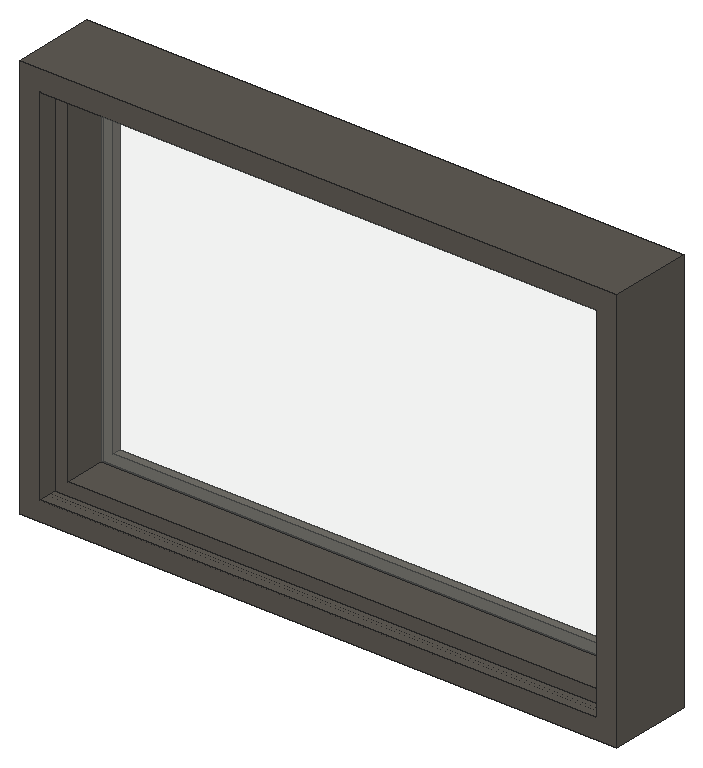
Revit family "NORFAC_WENT2000 fastkarm", category Windows, host Wall, Revit 2018
Family settings
  Host = Wall
  OmniClass Number = 23.30.20.00
  OmniClass Title = Windows
  Always vertical = Yes
  Cut with Voids When Loaded = No
  Shared = No
  Room Calculation Point = No
Parameters (values of type "TS-1-1 2")
  gw = g value * (Glass Area / Window Area)  # 0.41032
  g value = 0.55  # constant formula
  Window Area = Height * Width  # 0.68 m²
  Vinkel fra Nord = 270.00°
  Ventilations luftsmængde 8Pa, m3/t = if(Ventil mål mm = 995, 35, if(Ventil mål mm = 689.5, 20.9, if(Ventil mål mm = 520, 14.1, 0)))  # 20.9
  Ventilations luftmængde 10Pa, m3/t = if(Ventil mål mm = 995, 39.3, if(Ventil mål mm = 689.5, 23.6, if(Ventil mål mm = 520, 15.7, 0)))  # 23.6
  Ventil mål mm = if(Width > 1179 mm, 995, if(Width > 873.5 mm, 689.5, if(Width > 704 mm, 520, 0)))  # 689.5
  Ventilations luftsmængde 4Pa, m3/t = if(Ventil mål mm = 995, 24.8, if(Ventil mål mm = 689.5, 14.9, if(Ventil mål mm = 520, 9.9, 0)))  # 14.9
  Ventil mål [instance] = 0.00 mm
  U value = (U value Frame * Frame Area + U value Glass * Glass Area + Psi Glass * 2.00 m² * (Glass Height + Glass Width) / 1000 mm) / (Frame Area + Glass Area)  # 0.85415
  U value Glass = 0.69  # constant formula
  U value Frame = 0.66  # constant formula
  Top Hinging = no
  Rough Width = if(Manual Width < 700 mm, 700 mm, if(Manual Width > 1700 mm, 1700 mm, Manual Width))  # 1020 mm
  Rough Height = if(Manual Height < 700 mm, 700 mm, if(Manual Height > 1700 mm, 1700 mm, Manual Height))  # 700 mm
  Right Hinging = no
  Psi Glass = 0.04  # constant formula
  Placement In Wall = 0 mm
  Orientering [instance] = if(Vinkel fra Nord > 315.00°, "North", if(Vinkel fra Nord > 225.00°, "West", if(Vinkel fra Nord > 135.00°, "South", if(Vinkel fra Nord > 45.00°, "East", "North"))))  # "West"
  Manual Width = 1020 mm
  Manual Height = 523 mm
  Left Hinging = no
  LT value = 1
  Joint Material = Black Rubber
  Joint = 10 mm
  Horiz Mullion 2 of 2 = no
  Horiz Mullion 1 of 2 = no
  Horiz Mullion 1 of 1 = no
  Height = Rough Height - (2 * Joint)  # 680 mm
  Glass Width = (Width - 2 * Frame Width)  # 890 mm
  Glass Material = BA - (o) - Glas
  Glass Height = (Height - 2 * Frame Width)  # 570 mm
  Glass Area = Glass Height * Glass Width  # 0.5073 m²
  Frame/Mullion = Softwood, Lumber
  Frame Width = 55 mm  # constant formula
  Frame Depth = 140 mm  # constant formula
  Frame Area = (Width * Height) - Glass Area  # 0.1727 m²
  Ew øst = 162.47 * (gw) - 90.36 * U value  # -10.5165
  Ew vest = 162.47 * (gw) - 90.36 * U value  # -10.5165
  Ew syd = 301.98 * (gw) - 90.36 * U value  # 46.7267
  Ew nord = 73.15 * (gw) - 90.36 * U value  # -47.166
  Eref Energi balance = 196.4 * (gw) - 90.36 * U value  # 3.4055
  Default Sill Height = 800 mm
  Wall Closure = By host
  Width = Rough Width - (2 * Joint)  # 1000 mm
  Case/Transom = RAL 9010
  Analytic Construction = "<None>"
Reference planes
  plane 1 "Center (Front/Back)": y = 0
  plane 2 "Center (Left/Right)": x = 0
  plane 3 "Left": x = -510
  plane 4 "Right": x = 510
  plane 5 "Sill": z = 800
  plane 6 "Head": z = 1500
  plane 7 "Exterior": y = 250
  plane 8 "Interior": y = -250
  plane 9: x = 500
  plane 10: x = -500
  plane 11: z = 1490
  plane 12: z = 810
  plane 13 "Rebate Depth": y = 250
  plane 14: z = 1435
  plane 15: z = 865
  plane 16: z = 1150
  plane 17: z = 1245
  plane 18: z = 1055
Forms (mm)
  Sweep 1, solid, material "Softwood, Lumber" <- "Frame/Mullion"
    path origin (0, 250, 0) x (-1, 0, 0) y (0, 0, 1)
      loop
        line (-500, 810) -> (500, 810) -> (500, 1490) -> (-500, 1490) -> (-500, 810)
    profile origin (0, 250, 810) x (0, 0, 1) y (0, 1, 0)
      loop
        line (54.927, -40.293) -> (39.033, -40.293) -> (39.033, -14.811) -> (55, -14.811) -> (55, -0.006) -> (0, -0.006) -> (0, -140) -> (34.05, -140) -> (34.05, -109.5) -> (54.927, -109.5) -> (54.927, -40.293)
  Extrusion 2, solid, material "Glass"
    sketch origin (0, 250, 0) x (-1, 0, 0) y (0, 0, 1)
      loop
        line (-475.95, 1457.55) -> (-475.95, 842.587) -> (475.95, 842.587) -> (475.95, 1457.55) -> (-475.95, 1457.55)
    from -119.616 to -125.616
  Extrusion 3, solid, material "BA - (o) - Glas" <- "Glass Material"
    sketch origin (0, 250, 0) x (-1, 0, 0) y (0, 0, 1)
      loop
        line (-467.935, 1474.565) -> (-467.935, 825.481) -> (467.935, 825.481) -> (467.935, 1474.565) -> (-467.935, 1474.565)
    from -15 to -37.896
  Sweep 4, solid, material "Softwood, Lumber" <- "Frame/Mullion", visible <- "Horiz Mullion 2 of 2"
    path origin (0, 200, 0) x (-1, 0, 0) y (0, 0, 1)
      loop
        line (455, 1245) -> (-455, 1245)
    profile "Mullion 19mm : Mullion 19mm" origin (0, 200, 1245) x (0, 0, -1) y (0, 1, 0)
      loop
        line (10, -32.5) -> (10, -20.5) -> (-10, -20.5) -> (-10, -32.5) -> (10, -32.5)
      loop
        line (10, -15) -> (10, -3) -> (-10, -3) -> (-10, -15) -> (10, -15)
      loop
        line (10, -50) -> (10, -38) -> (-10, -38) -> (-10, -50) -> (10, -50)
  Sweep 5, solid, material "Softwood, Lumber" <- "Frame/Mullion", visible <- "Horiz Mullion 1 of 1"
    path origin (0, 250, -202.333) x (-1, 0, 0) y (0, 0, 1)
      loop
        line (455, 1352.333) -> (-455, 1352.333)
    profile "Mullion 19mm : Mullion 19mm" origin (0, 250, 1150) x (0, 0, -1) y (0, 1, 0)
      loop
        line (10, -32.5) -> (10, -20.5) -> (-10, -20.5) -> (-10, -32.5) -> (10, -32.5)
      loop
        line (10, -15) -> (10, -3) -> (-10, -3) -> (-10, -15) -> (10, -15)
      loop
        line (10, -50) -> (10, -38) -> (-10, -38) -> (-10, -50) -> (10, -50)
  Sweep 6, solid, material "Softwood, Lumber" <- "Frame/Mullion", visible <- "Horiz Mullion 1 of 2"
    path origin (0, 200, -404.667) x (-1, 0, 0) y (0, 0, 1)
      loop
        line (455, 1459.667) -> (-455, 1459.667)
    profile "Mullion 19mm : Mullion 19mm" origin (0, 200, 1055) x (0, 0, -1) y (0, 1, 0)
      loop
        line (10, -32.5) -> (10, -20.5) -> (-10, -20.5) -> (-10, -32.5) -> (10, -32.5)
      loop
        line (10, -15) -> (10, -3) -> (-10, -3) -> (-10, -15) -> (10, -15)
      loop
        line (10, -50) -> (10, -38) -> (-10, -38) -> (-10, -50) -> (10, -50)
Lines and regions (mm)
  Opening 1
    outline origin (3500, -250, 0) x (1, 0, 0) y (0, 0, 1)
      loop
        line (-2990, 800) -> (-2990, 1500) -> (-4010, 1500) -> (-4010, 800) -> (-2990, 800)
  symbolic lines
    curve 1: line (-445, 250, 0) -> (445.073, 250, 0)
    curve 3: line (-445, 212.104, 0) -> (445.073, 212.104, 0)
    curve 11: line (0, 250, 865.016) -> (0, 250, 1435)
    curve 12: line (0, 110, 844.05) -> (0, 110, 1455.95)
  symbolic lines, detail levels fine
    curve 2: line (407.454, 235.081, 0) -> (-435.904, 235.081, 0)
    curve 4: line (419.412, 130.384, 0) -> (-431.412, 130.384, 0)
    curve 5: line (-431.412, 124.384, 0) -> (419.412, 124.384, 0)
  symbolic lines, style "Windows", detail levels coarse+medium
    curve 6: line (0, 110.006, 1490) -> (0, 250, 1490)
    curve 7: line (0, 250, 1490) -> (0, 250, 1435)
    curve 8: line (0, 110.006, 810) -> (0, 250, 810)
    curve 9: line (0, 110.006, 865.016) -> (0, 110.006, 810)
    curve 10: line (0, 250, 810) -> (0, 250, 865.016)
    curve 17: line (0, 110.006, 865.016) -> (0, 250, 865.016)
    curve 18: line (0, 110.006, 1435) -> (0, 250, 1435)
    curve 19: line (0, 110.006, 1490) -> (0, 110.006, 1435)
    curve 20: line (-445, 249.994, 0) -> (-445, 110, 0)
    curve 21: line (-500, 249.994, 0) -> (-445, 249.994, 0)
    curve 22: line (-500, 110, 0) -> (-500, 249.994, 0)
    curve 23: line (-445, 110, 0) -> (-500, 110, 0)
    curve 24: line (445.073, 250, 0) -> (500.073, 250, 0)
    curve 25: line (445.073, 110, 0) -> (445.073, 250, 0)
    curve 26: line (500.073, 110, 0) -> (445.073, 110, 0)
    curve 27: line (500.073, 250, 0) -> (500.073, 110, 0)
  symbolic lines, style "Windows", detail levels fine
    curve 13: line (0, 124.086, 894.016) -> (0, 124.086, 1380.345)
    curve 14: line (0, 130.086, 894.016) -> (0, 130.086, 1380.727)
    curve 16: line (0, 235.011, 916.03) -> (0, 235.011, 1380.03)
  symbolic lines, style "Windows"
    curve 15: line (0, 212.011, 865.016) -> (0, 212.011, 1435)
    curve 28: line (-465.95, 110, 0) -> (465.95, 110, 0)
Text (mm)
  text "EXTERIOR" at (-1963.203, 1332.353, 0), in view "Ref. Level"
  text "INTERIOR" at (-1981.466, -818.386, 0), in view "Ref. Level"
  text "Exterior" at (0, 923.751, 2943.296), in view "Right"
  text "Exterior" at (0, 1040.484, 2685.409), in view "Left"
Dimensions and locks
  equal spacing: plane 3 "Left", plane 2 "Center (Left/Right)", plane 4 "Right"
  "Rough Width": plane 3 "Left" to plane 4 "Right"
  "Rough Height": plane 5 "Sill" to plane 6 "Head"
  "Default Sill Height": plane 5 "Sill" to level
  locked: plane 7 "Exterior" to host wall at 0
  locked: plane 8 "Interior" to host wall
  "Joint": plane 9 to plane 4 "Right"
  "Joint": plane 3 "Left" to plane 10
  "Joint": plane 11 to plane 6 "Head"
  "Joint": plane 5 "Sill" to plane 12
  "Placement In Wall": plane 7 "Exterior" to plane 13 "Rebate Depth"
  locked: Extrusion 2 to Extrusion 2 at 6
  equal spacing: plane 12, plane 16, plane 11
  locked: plane 14 to plane 11 at 55
  locked: plane 15 to plane 12 at 55
  equal spacing: plane 14, plane 17, plane 18, plane 15
  aligned and locked: plane 17 to Sweep 4 sketch curve
  aligned and locked: plane 16 to Sweep 5 sketch curve
  aligned and locked: plane 18 to Sweep 6 sketch curve
  aligned and locked: curve 10 to curve 11
  aligned and locked: Sweep 1 sketch curve to plane 11
  aligned and locked: plane 12 to Sweep 1 sketch curve
  aligned and locked: plane 10 to Sweep 1 sketch curve
  aligned and locked: Sweep 1 sketch curve to plane 9
  aligned and locked: nested 4 to plane 10
  aligned and locked: plane 11 to nested 3
  aligned and locked: plane 12 to nested 2
  aligned and locked: nested 5 to curve 2
  aligned and locked: Extrusion 3 to nested 5
  aligned and locked: Extrusion 3 to curve 3
  aligned and locked: Sweep 1 to nested 4
  aligned and locked: nested 5 to Sweep 1
  aligned and locked: nested 4 to curve 5
  aligned and locked: curve 4 to nested 4
  aligned and locked: curve 1 to curve 20
  aligned and locked: nested 4 to curve 28
  aligned and locked: curve 26 to nested 5
  aligned and locked: nested 2 to plane 13 "Rebate Depth"
  aligned and locked: nested 3 to plane 13 "Rebate Depth"
  aligned and locked: curve 7 to nested 3
  aligned and locked: curve 6 to nested 3
  aligned and locked: curve 19 to nested 3
  aligned and locked: curve 8 to nested 2
  aligned and locked: curve 10 to nested 2
  aligned and locked: curve 9 to nested 2
  aligned and locked: curve 17 to nested 2
Automatic sketch dimensions
  plane 3 "Left" to Opening 1 sketch curve = 0 mm
  plane 4 "Right" to Opening 1 sketch curve = 0 mm
  Opening 1 sketch curve to plane 5 "Sill" = 0 mm
  Opening 1 sketch curve to plane 6 "Head" = 0 mm
  Sweep 1 sketch curve to plane 13 "Rebate Depth" = 0.006 mm
  Sweep 1 sketch curve to plane 13 "Rebate Depth" = 14.811 mm
  Sweep 1 sketch curve to profile plane = 39.033 mm
  Sweep 1 sketch curve to profile plane = 34.05 mm
  Sweep 1 sketch curve to Sweep 1 sketch curve = 15.967 mm
  Sweep 1 sketch curve to Sweep 1 sketch curve = 94.689 mm
  profile plane to Sweep 1 sketch curve = 0 mm
  Sweep 1 sketch curve to Sweep 1 sketch curve = 20.877 mm
  Sweep 1 sketch curve to Sweep 1 sketch curve = 25.482 mm
  Sweep 1 sketch curve to Sweep 1 sketch curve = 30.5 mm
  Extrusion 2 sketch curve to plane 15 = 22.413 mm
  plane 4 "Right" to Extrusion 2 sketch curve = 34.05 mm
  Extrusion 2 sketch curve to plane 3 "Left" = 34.05 mm
  plane 14 to Extrusion 2 sketch curve = 22.55 mm
  Extrusion 3 sketch curve to plane 15 = 39.519 mm
  plane 4 "Right" to Extrusion 3 sketch curve = 42.065 mm
  Extrusion 3 sketch curve to plane 3 "Left" = 42.065 mm
  plane 14 to Extrusion 3 sketch curve = 39.565 mm
  plane 4 "Right" to Sweep 4 sketch curve = 55 mm
  Sweep 4 sketch curve to plane 3 "Left" = 55 mm
  plane 4 "Right" to Sweep 5 sketch curve = 55 mm
  Sweep 5 sketch curve to plane 3 "Left" = 55 mm
  plane 4 "Right" to Sweep 6 sketch curve = 55 mm
  Sweep 6 sketch curve to plane 3 "Left" = 55 mm
  curve 22 to curve 23 = 55 mm
  plane 9 to curve 24 = 54.927 mm
  curve 27 to plane 9 = 0.073 mm
  curve 22 to plane 13 "Rebate Depth" = 0.006 mm
  curve 21 to curve 2 = 9.096 mm
  curve 23 to curve 4 = 13.588 mm
  curve 5 to curve 4 = 0 mm
  curve 2 to curve 1 = 37.619 mm
  curve 5 to curve 25 = 25.661 mm
  curve 4 to curve 5 = 0 mm
  curve 3 to curve 2 = 9.096 mm
  curve 27 to plane 13 "Rebate Depth" = 0 mm
  curve 21 to plane 10 = 0 mm
  curve 3 to curve 1 = 0 mm
  curve 28 to curve 20 = 20.95 mm
  curve 25 to curve 28 = 20.877 mm
  curve 28 to curve 20 = 0 mm
  curve 15 to plane 14 = 0 mm
  curve 16 to plane 13 "Rebate Depth" = 14.989 mm
  curve 15 to plane 13 "Rebate Depth" = 37.989 mm
  curve 14 to curve 9 = 20.08 mm
  curve 14 to curve 13 = 6 mm
  curve 9 to curve 12 = 0.006 mm
  curve 12 to plane 15 = 20.95 mm
  plane 15 to curve 13 = 29.016 mm
  curve 14 to curve 13 = 0 mm
  plane 15 to curve 16 = 51.03 mm
  curve 16 to plane 14 = 54.97 mm
  curve 13 to plane 14 = 54.655 mm
  curve 13 to curve 14 = 0.381 mm
  plane 14 to curve 12 = 20.95 mm
Nested families
  nested 1: "Hinging" at (0, 250, 1540) x (1, 0, 0) z (0, 1, 0), Top <- "Top Hinging", Right <- "Right Hinging", Left <- "Left Hinging", type "Hinging"
    with Width 1162.501 mm, Top no, Right no, Left no, Height 1420 mm
  nested 2: "Detail Item - Vent2000 Bottom Frame" at (0, 110.006, 810) x (0, -1, 0) z (-1, 0, 0), type "Detail Item - Vent2000 Bottom Frame", detail levels fine
  nested 3: "Detail Item - Vent2000 Top Framefast" at (-510, 110.006, 1490) x (0, -1, 0) z (-1, 0, 0), type "Detail Item - Vent2000 Top Framefast", detail levels fine
  nested 4: "Detail Item - Vent2000 Side Framefast" at (-500, 110, 0), type "Detail Item - Vent2000 Side Framefast", detail levels fine
  nested 5: "Detail Item - Vent2000 Side Framefast" at (500.073, 110, 0) x (-1, 0, 0) z (0, 0, 1), type "Detail Item - Vent2000 Side Framefast", detail levels fine
Definition of nested family "Hinging"
  Parameters (values of type "Hinging")
    Width [instance] = 1000 mm
    Top [instance] = yes
    Right [instance] = yes
    Left [instance] = yes
    Height [instance] = 1000 mm
    Default Elevation = 1219.2 mm
    Analytic Construction = "<None>"
  Reference planes
    plane 1 "Center (Front/Back)": y = 0
    plane 2: z = 0
    plane 3 "Center (Left/Right)": x = 0
    plane 4: x = -500
    plane 5: x = 500
    plane 6: y = 500
    plane 7: y = -500
  Lines and regions (mm)
    symbolic lines, visible <- "Right", detail levels medium+fine
      curve 1: line (500, 500, 0) -> (-500, 0, 0)
      curve 2: line (-500, 0, 0) -> (500, -500, 0)
    symbolic lines, visible <- "Left", detail levels medium+fine
      curve 3: line (-500, -500, 0) -> (500, 0, 0)
      curve 4: line (500, 0, 0) -> (-500, 500, 0)
    symbolic lines, visible <- "Top", detail levels medium+fine
      curve 5: line (-500, 500, 0) -> (0, -500, 0)
      curve 6: line (0, -500, 0) -> (500, 500, 0)
  Dimensions and locks
    equal spacing: plane 4, plane 3 "Center (Left/Right)", plane 5
    equal spacing: plane 6, plane 1 "Center (Front/Back)", plane 7
    "Height": plane 6 to plane 7
    "Width": plane 4 to plane 5
    aligned and locked: level to plane 2
  Automatic sketch dimensions
    plane 1 "Center (Front/Back)" to curve 1 = 0 mm
    curve 1 to plane 4 = 0 mm
    curve 5 to plane 4 = 0 mm
    curve 6 to plane 3 "Center (Left/Right)" = 0 mm
    plane 1 "Center (Front/Back)" to curve 3 = 0 mm
    curve 3 to plane 5 = 0 mm
    curve 1 to plane 5 = 0 mm
    curve 5 to plane 7 = 0 mm
    curve 2 to plane 7 = 0 mm
    curve 4 to plane 6 = 0 mm
    curve 1 to plane 6 = 0 mm
    curve 3 to plane 4 = 0 mm
    curve 3 to plane 7 = 0 mm
    curve 2 to plane 5 = 0 mm
Definition of nested family "Detail Item - Vent2000 Bottom Frame"
  Reference planes
    plane 1 "Center (Front/Back)": y = 0
    plane 2: z = 0
    plane 3 "Center (Left/Right)": x = 0
  Lines and regions (mm)
    model lines, in view "Ref. Level"
      curve 1: line (252.465, -230.361, 0) -> (252.465, -228.361, 0)
    detail lines, in view "Ref. Level"
      curve 2: line (-102.073, 55.016, 0) -> (-30.5, 55.016, 0)
      curve 3: line (-30.5, 55.016, 0) -> (-30.5, 43.552, 0)
      curve 4: line (-30.5, 43.552, 0) -> (0, 43.552, 0)
      curve 5: line (0, 43.552, 0) -> (0, 0, 0)
      curve 6: line (0, 0, 0) -> (-139.994, 0, 0)
      curve 7: line (-139.994, 0, 0) -> (-139.994, 55.016, 0)
      curve 8: line (-26.33, 63.587, 0) -> (-26.33, 48.587, 0)
      curve 9: line (-20.08, 63.587, 0) -> (-26.33, 63.587, 0)
      curve 10: line (-7.83, 63.587, 0) -> (-14.08, 63.587, 0)
      curve 11: line (-7.83, 48.587, 0) -> (-7.83, 63.587, 0)
      curve 12: line (-26.33, 48.587, 0) -> (-7.83, 48.587, 0)
      curve 13: line (-125.073, 41.481, 0) -> (-102.073, 41.481, 0)
      curve 14: line (-20.08, 84.315, 0) -> (-20.08, 82.315, 0)
      curve 15: arc (-75.016, 8.501, 0) -> (-74.933, 8.57, 0) -> (-74.861, 8.49, 0) r 0.078
      curve 16: line (-14.08, 110.016, 0) -> (-14.08, 58.587, 0)
      curve 17: line (-14.08, 58.587, 0) -> (-20.08, 58.587, 0)
      curve 18: line (-20.08, 58.587, 0) -> (-20.08, 110.016, 0)
      curve 19: line (-102.073, 41.481, 0) -> (-102.073, 110.016, 0)
      curve 20: line (-125.073, 41.481, 0) -> (-125.073, 110.016, 0)
      curve 21: line (-139.994, 55.016, 0) -> (-125.073, 55.016, 0)
      curve 22: line (-140, 11.043, 0) -> (-71.852, 24.479, 0)
      curve 23: line (-83.852, 33.855, 0) -> (-140, 23.043, 0)
      curve 24: line (-85.852, 35.926, 0) -> (-85.852, 52.965, 0)
      curve 25: line (-71.852, 24.479, 0) -> (-71.852, 35.926, 0)
      curve 26: line (-69.852, 35.926, 0) -> (-85.852, 35.926, 0)
      curve 27: line (-83.852, 35.926, 0) -> (-83.852, 33.855, 0)
      curve 28: line (-69.852, 52.926, 0) -> (-69.852, 35.926, 0)
      curve 29: line (-61.595, 52.965, 0) -> (-94.207, 52.965, 0)
      curve 30: line (-94.207, 52.965, 0) -> (-94.207, 55.016, 0)
      curve 31: line (-61.595, 55.016, 0) -> (-61.595, 52.965, 0)
Definition of nested family "Detail Item - Vent2000 Top Framefast"
  Reference planes
    plane 1 "Center (Front/Back)": y = 0
    plane 2: z = 0
    plane 3 "Center (Left/Right)": x = 0
  Lines and regions (mm)
    detail lines, in view "Ref. Level"
      curve 1: line (-20.228, -84.32, 0) -> (-20.228, -82.32, 0)
      curve 2: line (-20.228, -63.592, 0) -> (-26.478, -63.592, 0)
      curve 3: line (-7.978, -63.592, 0) -> (-14.228, -63.592, 0)
      curve 4: line (-7.978, -48.592, 0) -> (-7.978, -63.592, 0)
      curve 5: line (-26.478, -48.592, 0) -> (-7.978, -48.592, 0)
      curve 6: line (-26.478, -63.592, 0) -> (-26.478, -48.592, 0)
      curve 7: line (-125.011, -41.435, 0) -> (-102.011, -41.435, 0)
      curve 8: line (0, -43.528, 0) -> (0, 0, 0)
      curve 9: line (-139.994, -54.97, 0) -> (-139.994, 0, 0)
      curve 10: line (-139.994, 0, 0) -> (0, 0, 0)
      curve 11: line (0, -20.967, 0) -> (0, -43.528, 0)
      curve 12: line (0, -43.528, 0) -> (-30.517, -43.528, 0)
      curve 13: line (-30.517, -43.528, 0) -> (-30.517, -54.97, 0)
      curve 14: line (-125.011, -54.97, 0) -> (-139.994, -54.97, 0)
      curve 15: line (-14.228, -110.021, 0) -> (-14.228, -58.45, 0)
      curve 16: line (-14.228, -58.45, 0) -> (-20.228, -58.45, 0)
      curve 17: line (-20.228, -58.45, 0) -> (-20.228, -110.021, 0)
      curve 18: line (-102.011, -54.97, 0) -> (-99.431, -54.97, 0)
      curve 19: line (-106.011, -41.435, 0) -> (-120.922, -41.435, 0)
      curve 20: line (-102.011, -41.435, 0) -> (-102.011, -109.97, 0)
      curve 21: line (-125.011, -41.435, 0) -> (-125.011, -109.97, 0)
      curve 22: line (-30.517, -54.97, 0) -> (-102.011, -54.97, 0)
      curve 23: line (-74.804, -24.453, 0) -> (-140, -13.625, 0)
      curve 24: line (-140, -25.789, 0) -> (-85.13, -34.903, 0)
      curve 25: line (-85.13, -53.453, 0) -> (-85.13, -24.453, 0)
      curve 26: line (-85.13, -24.453, 0) -> (-45.067, -24.453, 0)
      curve 27: line (-45.067, -24.453, 0) -> (-45.067, -53.453, 0)
      curve 28: line (-45.067, -24.792, 0) -> (0, -24.792, 0)
      curve 29: line (-45.067, -39.792, 0) -> (0, -39.792, 0)
      curve 30: line (-45.067, -53.453, 0) -> (-85.13, -53.453, 0)
      curve 31: line (-45.067, -24.453, 0) -> (-45.067, -53.453, 0)
      curve 32: line (-93.43, -55, 0) -> (-93.43, -53.478, 0)
      curve 33: line (-85.067, -53.478, 0) -> (-93.68, -53.478, 0)
      curve 34: line (-36.48, -53.478, 0) -> (-45.067, -53.478, 0)
      curve 35: line (-36.48, -55, 0) -> (-36.48, -53.478, 0)
Definition of nested family "Detail Item - Vent2000 Side Framefast"
  Reference planes
    plane 1 "Center (Front/Back)": y = 0
    plane 2: z = 0
    plane 3 "Center (Left/Right)": x = 0
  Lines and regions (mm)
    model lines, in view "Ref. Level"
      curve 1: line (63.522, 14.384, 0) -> (104.588, 14.384, 0)
      curve 2: line (63.522, 20.384, 0) -> (104.588, 20.384, 0)
      curve 3: line (42.065, 102.104, 0) -> (42.065, 125.081, 0)
      curve 4: line (104.56, 102.104, 0) -> (42.065, 102.104, 0)
      curve 5: line (42.065, 125.081, 0) -> (104.56, 125.081, 0)
      curve 6: line (52.575, 26.6, 0) -> (50.456, 26.6, 0)
      curve 7: arc (42.791, 8.094, 0) -> (37.022, 17.344, 0) -> (42.791, 26.594, 0) r 10.3
      curve 8: line (63.522, 8.094, 0) -> (63.522, 26.594, 0)
      curve 9: line (42.791, 8.094, 0) -> (63.522, 8.094, 0)
      curve 10: line (63.522, 26.594, 0) -> (42.791, 26.594, 0)
    detail lines, in view "Ref. Level"
      curve 11: line (55, 140, 0) -> (0, 140, 0)
      curve 12: line (0, 140, 0) -> (0, 0, 0)
      curve 13: line (34.012, 0, 0) -> (0, 0, 0)
      curve 14: line (34.012, 0, 0) -> (34.012, 30.5, 0)
      curve 15: line (34.012, 30.5, 0) -> (55, 30.5, 0)
      curve 16: line (55, 30.5, 0) -> (55, 102.104, 0)
      curve 17: line (55, 99.7, 0) -> (38.982, 99.7, 0)
      curve 18: line (38.982, 99.7, 0) -> (38.982, 125.081, 0)
      curve 19: line (38.982, 125.081, 0) -> (42.065, 125.081, 0)
      curve 20: line (55, 125.081, 0) -> (55, 140, 0)
